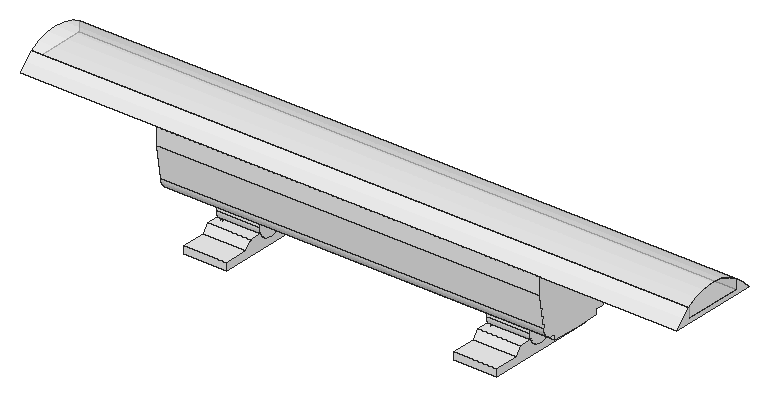
Revit family "Lighting-Linear-Acclaim-Dyna Graze Exterior HO DMX", category Lighting Fixtures, host Face, Revit 2014
Parameters (values of type "A")
  Wattage = 9.2903 W
  built-in parameter 1150110 = 1 (stored number, unit not read)
  Voltage = 0 V
  URL = "http://www.acclaimlighting.com/"
  built-in parameter 1114217 = 1 (stored number, unit not read)
  Tilt Angle = -90.00°
  built-in parameter 1150109 = 1 (stored number, unit not read)
  built-in parameter 1150134 = 3
  built-in parameter 1150113 = 1 (stored number, unit not read)
  Power Factor = 1
  Photometric Web File = "generic"
  Number of Poles = 1
  built-in parameter 1150142 = (empty or 0)
  Model = "Dyna Graze Exterior HO DMX"
  Manufacturer = "Acclaim Lighting"
  built-in parameter 1150105 = 109.82 (stored number, unit not read)
  Lumens = 1380 lm
  built-in parameter 1150115 = 1 (stored number, unit not read)
  built-in parameter 1150137 = (empty or 0)
  built-in parameter 1150139 = (empty or 0)
  Length = 1' - 0"
  built-in parameter 1150112 = 1 (stored number, unit not read)
  built-in parameter 1150114 = 1 (stored number, unit not read)
  Lamp = "LED"
  built-in parameter 1150132 = (empty or 0)
  built-in parameter 1150102 = (empty or 0)
  built-in parameter 1150107 = 3200 (stored number, unit not read)
  built-in parameter 1150138 = (empty or 0)
  built-in parameter 1150106 = 1.0982 (stored number, unit not read)
  Housing Finish = Aluminum
  Emit from Line Length = Length  # 1' - 0"
  built-in parameter 1150104 = 13.8 (stored number, unit not read)
  Dimming Lamp Color Temperature Shift = <None>
  Description = "Graze Lighting"
  Default Elevation = 4' - 0"
  Color Filter = 16777215
  built-in parameter 1114218 = 1 (stored number, unit not read)
  built-in parameter 1150133 = 10 (stored number, unit not read)
  Apparent Load = 0 VA
Types (3): name | Model | Length | Emit from Line Length | Description
  (no name) | "Dyna Graze Exterior HO DMX" | 1' - 0" | 1' - 0" | "Graze Lighting"
  A | "Dyna Graze Exterior HO DMX" | 1' - 0" | 1' - 0" | "Graze Lighting"
  B | "Dyna Cove Exterior" | 4' - 0" | 4' - 0" | "Cove Lighting"
Reference planes (in)
  plane 1 "Center (Front/Back)": y = 0
  plane 2: z = 0
  plane 3 "Center (Left/Right)": x = 0
  plane 4: x = -6
  plane 5: x = 6
  plane 6: x = -2.86874
  plane 7: x = -2.08749
  plane 8: x = 2.06876
  plane 9: x = 2.85001
  plane 10: z = 2.2
  plane 11: z = 2.03932
Forms (in)
  Extrusion 1, solid, material "Aluminum" <- "Housing Finish"
    sketch origin (0, 0, 0) x (0, 1, 0) y (0, 0, 1)
      loop
        line (-0.81924, 1.78373) -> (-0.81924, 1.46875) -> (-0.73836, 0.89326)
        arc (-0.73836, 0.89326) -> (-0.69125, 0.77366) -> (-0.59497, 0.68847) r 0.27534
        line (-0.59497, 0.68847) -> (-0.46937, 0.68847) -> (-0.46937, 0.59198) -> (0, 0.59198) -> (0.46937, 0.59198) -> (0.46937, 0.68847) -> (0.59497, 0.68847)
        arc (0.59497, 0.68847) -> (0.69125, 0.77366) -> (0.73836, 0.89326) r 0.27534
        line (0.73836, 0.89326) -> (0.81924, 1.46875) -> (0.81924, 1.78373) -> (0, 1.78373) -> (-0.81924, 1.78373)
    from -3.5 to 3.49098
  Extrusion 2, solid, material "Aluminum" <- "Housing Finish"
    sketch origin (0, 0, 0.59375) x (0, 1, 0) y (0, 0, 1)
      loop
        line (-0.81924, 1.18998) -> (0.80438, 1.18998)
        arc (0.80438, 1.18998) -> (-0.00743, 1.6086) -> (-0.81924, 1.18998) r 0.99646
    from -6 to 6
  Extrusion 3, solid, material "Aluminum" <- "Housing Finish"
    sketch origin (0, 0, 0) x (0, 1, 0) y (0, 0, 1)
      loop
        line (-0.99834, 0.13395) -> (-0.99834, 0) -> (0, 0) -> (0.99834, 0) -> (0.99834, 0.13395) -> (0.54942, 0.13395) -> (0.45223, 0.27277) -> (0, 0.27277) -> (-0.45223, 0.27277) -> (-0.54942, 0.13395) -> (-0.99834, 0.13395)
    from -2.86874 to -2.08749
  Extrusion 4, solid, material "Aluminum" <- "Housing Finish"
    sketch origin (0, 0, 0) x (0, 1, 0) y (0, 0, 1)
      loop
        line (-0.99834, 0.13395) -> (-0.99834, 0) -> (0, 0) -> (0.99834, 0) -> (0.99834, 0.13395) -> (0.54942, 0.13395) -> (0.45223, 0.27277) -> (0, 0.27277) -> (-0.45223, 0.27277) -> (-0.54942, 0.13395) -> (-0.99834, 0.13395)
    from 2.06876 to 2.85001
  Extrusion 5, solid, material "Aluminum" <- "Housing Finish"
    sketch origin (0, 0, 0) x (0, 1, 0) y (0, 0, 1)
      loop
        circle (0, 0.37331) r 0.25
    from -2.86874 to -2.08749
  Extrusion 6, solid, material "Aluminum" <- "Housing Finish"
    sketch origin (0, -0.00075, 0) x (0, 1, 0) y (0, 0, 1)
      loop
        circle (0, 0.37331) r 0.25
    from 2.06876 to 2.85001
  Extrusion 7, void
    sketch origin (0, 0, 0) x (1, 0, 0) y (0, 1, 0)
      loop
        line (-6, 0.54448) -> (-6, -0.56067) -> (6, -0.56067) -> (6, 0.54448) -> (-6, 0.54448)
    from 1.85771 to 2.25174
  Extrusion 8, solid, material "Glass, Frosted"
    sketch origin (0, 0, 0) x (0, 1, 0) y (0, 0, 1)
      loop
        line (-0.56067, 2.03466) -> (-0.56067, 1.85771) -> (0.5458, 1.85771) -> (0.5458, 2.03466)
        arc (0.5458, 2.03466) -> (-0.00743, 2.20584) -> (-0.56067, 2.03466) r 0.97958
    from -6 to 6
Cuts and joins
  Extrusion 7 cuts Extrusion 1
  Extrusion 7 cuts Extrusion 2
  Extrusion 7 cuts Extrusion 3
  Extrusion 7 cuts Extrusion 4
  Extrusion 7 cuts Extrusion 5
  Extrusion 7 cuts Extrusion 6
Dimensions and locks (in)
  equal spacing: plane 4, plane 3 "Center (Left/Right)", plane 5
  plane 4 to plane 5 = 1' - 0"
  equal spacing: plane 5, plane 3 "Center (Left/Right)", plane 4
  "Length": plane 5 to plane 4
  locked: plane 4 to Extrusion 1 at 2.5
  locked: plane 5 to Extrusion 1 at 2.50902
  Extrusion 1 to Extrusion 3 to Extrusion 3 = 0' - 0.63126" locked, 0' - 0 25/32" locked
  locked: Extrusion 4 to Extrusion 4 at 0.78125
  locked: Extrusion 4 to Extrusion 1 at 0.64098
  aligned and locked: plane 2 to host face
  aligned and locked: level to host face
  aligned and locked: Extrusion 2 to plane 4
  aligned and locked: plane 5 to Extrusion 2
  aligned and locked: Extrusion 3 to Extrusion 5  (x2)
  aligned and locked: Extrusion 4 to Extrusion 6  (x2)
  aligned and locked: plane 4 to Extrusion 7 sketch curve
  aligned and locked: Extrusion 7 sketch curve to plane 5
  aligned and locked: Extrusion 8 to plane 4
  aligned and locked: plane 5 to Extrusion 8
Automatic sketch dimensions
  host sketch curve to host sketch curve = 8' - 0"  (x2)
  Extrusion 1 sketch curve to plane 1 "Center (Front/Back)" = 0' - 0"  (x2)
  plane 1 "Center (Front/Back)" to Extrusion 1 sketch curve = 0' - 0.46571"
  Extrusion 1 sketch curve to Extrusion 1 sketch curve = 0' - 0.00367"  (x2)
  Extrusion 1 sketch curve to Extrusion 1 sketch curve = 0' - 0.1256"  (x2)
  Extrusion 1 sketch curve to Extrusion 1 sketch curve = 0' - 0.14339"  (x2)
  plane 1 "Center (Front/Back)" to Extrusion 1 sketch curve = 0' - 0.81924"
  Extrusion 1 sketch curve to plane 1 "Center (Front/Back)" = 0' - 0.46571"
  Extrusion 1 sketch curve to Extrusion 1 sketch curve = 0' - 0.08088"
  level to Extrusion 1 sketch curve = 0' - 0.59198"
  Extrusion 1 sketch curve to Extrusion 1 sketch curve = 0' - 0.09649"  (x2)
  Extrusion 1 sketch curve to Extrusion 1 sketch curve = 0' - 0.20479"  (x2)
  Extrusion 1 sketch curve to Extrusion 1 sketch curve = 0' - 0.57549"  (x2)
  Extrusion 1 sketch curve to plane 10 = 0' - 0.41627"
  plane 1 "Center (Front/Back)" to Extrusion 2 sketch curve = 0' - 0.81924"
  plane 1 "Center (Front/Back)" to Extrusion 2 sketch curve = 0' - 0.00743"
  Extrusion 2 sketch curve to plane 10 = 0' - 0.99412"
  Extrusion 2 sketch curve to plane 10 = 0' - 0.41627"
  Extrusion 3 sketch curve to level = 0' - 0"
  Extrusion 3 sketch curve to plane 1 "Center (Front/Back)" = 0' - 0"  (x2)
  Extrusion 3 sketch curve to Extrusion 3 sketch curve = 0' - 0.45223"
  Extrusion 3 sketch curve to Extrusion 3 sketch curve = 0' - 0.0972"  (x2)
  Extrusion 3 sketch curve to Extrusion 3 sketch curve = 0' - 0.44892"  (x2)
  Extrusion 3 sketch curve to plane 1 "Center (Front/Back)" = 0' - 0.45223"
  level to Extrusion 3 sketch curve = 0' - 0.13395"  (x2)
  level to Extrusion 3 sketch curve = 0' - 0.27277"
  Extrusion 4 sketch curve to level = 0' - 0"
  Extrusion 4 sketch curve to plane 1 "Center (Front/Back)" = 0' - 0"  (x2)
  plane 1 "Center (Front/Back)" to Extrusion 4 sketch curve = 0' - 0.45223"
  Extrusion 4 sketch curve to Extrusion 4 sketch curve = 0' - 0.0972"  (x2)
  Extrusion 4 sketch curve to Extrusion 4 sketch curve = 0' - 0.44892"  (x2)
  Extrusion 4 sketch curve to Extrusion 4 sketch curve = 0' - 0.45223"
  level to Extrusion 4 sketch curve = 0' - 0.13395"  (x2)
  level to Extrusion 4 sketch curve = 0' - 0.27277"
  Extrusion 5 sketch curve to plane 1 "Center (Front/Back)" = 0' - 0"
  level to Extrusion 5 sketch curve = 0' - 0.37331"
  level to Extrusion 6 sketch curve = 0' - 0.37331"
  plane 1 "Center (Front/Back)" to Extrusion 6 sketch curve = 0' - 0.00075"
  plane 1 "Center (Front/Back)" to Extrusion 7 sketch curve = 0' - 0.56067"
  Extrusion 7 sketch curve to plane 1 "Center (Front/Back)" = 0' - 0.54448"
  plane 1 "Center (Front/Back)" to Extrusion 8 sketch curve = 0' - 0.00743"
  Extrusion 8 sketch curve to plane 11 = 0' - 0.00466"  (x2)
  Extrusion 8 sketch curve to Extrusion 8 sketch curve = 0' - 0.17695"
  Extrusion 8 sketch curve to plane 1 "Center (Front/Back)" = 0' - 0.5458"
  Extrusion 8 sketch curve to plane 11 = 0' - 0.81306"
  radius of Extrusion 5 sketch curve = 0' - 0 1/4"
  radius of Extrusion 6 sketch curve = 0' - 0 1/4"
